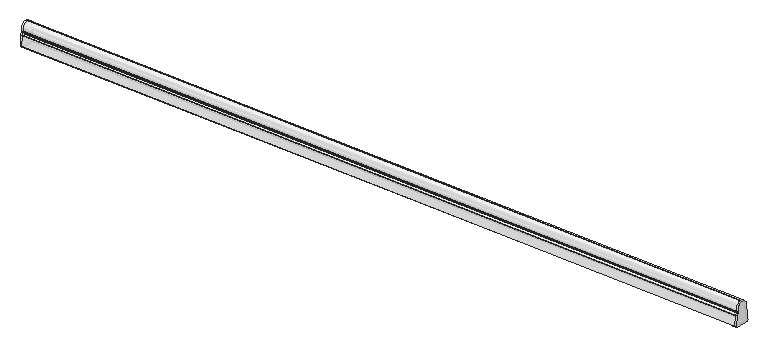
Revit family "0051056 Sylvania Lighting Fixture LED PIPE G2 L1200 TOP ENTRY HO NW", category Lighting Fixtures, host Face, Revit 2016
Family settings
  Host = Face
  Part Type = Normal
  Round Connector Dimension = Use Diameter
  OmniClass Number = 23.80.70.00
  OmniClass Title = Lighting
  Cut with Voids When Loaded = No
  Light Source = Yes
  Shared = No
  Room Calculation Point = No
Parameters (values of type "0051056 LED PIPE G2 L1200 TOP ENTRY HO NW")
  Width_SYL = 24 mm
  Weight = "4.44 kg"
  Wattage Comments = ""
  Wattage = 16 W
  WarrantyStartDate [instance] = "n/a"
  WarrantyGuarantorParts = "n/a"
  WarrantyDurationUnit = "n/a"
  WarrantyDurationParts = "n/a"
  WarrantyDescription = "n/a"
  built-in parameter 1150110 = 1 (stored number, unit not read)
  Voltage = 230 V
  URL = "http://www.sylvania-lighting.com"
  TypeName = "LED PIPE G2 L1200 TOP ENTRY HO NW"
  Type Image = <None>
  Type Comments = "n/a"
  built-in parameter 1114217 = 1 (stored number, unit not read)
  Tilt Angle = -90.00°
  built-in parameter 1150109 = 1 (stored number, unit not read)
  built-in parameter 1150134 = 12
  built-in parameter 1150113 = 1 (stored number, unit not read)
  SerialNumber [instance] = "n/a"
  RadiusTop_SYL = 9.1 mm
  RadiusSmall_SYL = 1.002 mm
  RadiusShoulder_SYL = 4.5 mm
  RadiusBottom_SYL = 1.5 mm
  Photometric Web File = "0051056.ies"
  Material_3_FEILO = none
  PowerFactor = 0.9
  PowerConsumption = "16 W"
  NominalLength = 1200 mm
  NominalHeight = 35 mm
  NominalDepth = 24 mm
  Name = "LED PIPE G2 L1200 TOP ENTRY HO NW"
  ModelReference = Name  # "LED PIPE G2 L1200 TOP ENTRY HO NW"
  ModelNumber = "0051056"
  Model = Name  # "LED PIPE G2 L1200 TOP ENTRY HO NW"
  Material = "pc housing, pc diffuser"
  ManufacturerName = "Feilo Sylvania"
  Manufacturer = "Feilo Sylvania"
  LuminousEfficacy = "125 lm/W"
  built-in parameter 1150105 = 397.56 (stored number, unit not read)
  Lumens = 2000 lm
  LuminaireType = ""
  built-in parameter 1150115 = 1 (stored number, unit not read)
  LightOutputRatio = "n/a"
  built-in parameter 1150137 = (empty or 0)
  built-in parameter 1150139 = (empty or 0)
  Length_SYL = 1200 mm
  LampsType = Lamp  # "LED"
  LampNominalLuminous = "2000 lm"
  LampMacAdamStep = "6"
  LampColourTemperature = "4000 K"
  LampColourRenderingIndex = "80"
  built-in parameter 1150112 = 1 (stored number, unit not read)
  built-in parameter 1150114 = 1 (stored number, unit not read)
  Lamp = "LED"
  Keynote = "16500"
  InstallationDate [instance] = "n/a"
  InputVoltage = "220-240V~"
  InputNominalFrequency = "50/60 Hz"
  built-in parameter 1150132 = (empty or 0)
  built-in parameter 1150102 = (empty or 0)
  built-in parameter 1150107 = 4000 (stored number, unit not read)
  built-in parameter 1150138 = (empty or 0)
  IngressProtection = "IP20"
  ImpactProtectionIndex = "IK02"
  built-in parameter 1150106 = 3.9756 (stored number, unit not read)
  IfcExportType = "IfcLightFixtureType"
  IfcExportAs = "IfcLightFixtureType"
  Height_SYL = 35 mm
  ExpectedLife = 50000
  built-in parameter 1150127 = 10 mm
  Emit from Rectangle Length = Length_SYL - 6 mm  # 1194 mm
  Emit Shape Visible in Rendering = no
  ElectricShockClassification = "Class II"
  built-in parameter 1150104 = 11.613 (stored number, unit not read)
  DurationUnit = "hours"
  DocumentationLiterature = "http://www.sylvania-lighting.com/product/en-int/products/0051056"
  DimmingControlOptions = "n/a"
  Material_2_FEILO = LED-Sylvania-ledpipe
  Dimming Lamp Color Temperature Shift = <None>
  Description = "LED T5 replacement batten, with top entry cable, the power cables can be therefore hidden, high output range: more lumens per meter with efficiency up to 125 lum/watt, Ideal for direct lighting in kitchens, on wall or ceiling, 150 degree beam angle, includes switch, includes 0.30m stripped cable, white polycarbonate body, includes standard and tilting brackets"
  Default Elevation = 1219.2 mm
  CreatedOn = "6/11/2018"
  CreatedBy = "aron.fodor@sylvania-lighting.com"
  Cost = 0
  Color Filter = 16777215
  built-in parameter 1114216 [instance] = (empty or 0)
  ClassificationValue = "EF_70_80"
  ClassificationName = "Uniclass2015"
  Material_1_FEILO = Body-Sylvania-ledpipe
  BarCode [instance] = "n/a"
  built-in parameter 1114218 = 1 (stored number, unit not read)
  Emit from Rectangle Width = 3048 mm
  AssetType = "Fixed"
  AssetIdentifier [instance] = "n/a"
  Assembly Code = "D5020200"
  Apparent Load = 16 VA
  Material_4_FEILO = none
Reference planes
  plane 1 "Center (Front/Back)": y = 0
  plane 2: z = 0
  plane 3 "Center (Left/Right)": x = 0
  plane 4: y = 12
  plane 5: y = -12
  plane 6: z = 35
  plane 7: z = 25.8
  plane 8: y = -10
  plane 9: z = 18.8
  plane 10: z = 21
  plane 11: x = 600
  plane 12: x = -600
  plane 13: x = 597
  plane 14: x = -597
Forms (mm)
  Extrusion 1, solid, material "Body-Sylvania-ledpipe" <- "Material_1_FEILO"
    sketch origin (0, 0, 0) x (0, 1, 0) y (0, 0, 1)
      loop
        arc (-11.824, 1.659) -> (-11.447, 0.497) -> (-10.332, 0) r 1.5
        line (-10.332, 0) -> (10.332, 0)
        arc (10.332, 0) -> (11.447, 0.497) -> (11.824, 1.659) r 1.5
        line (11.824, 1.659) -> (10.168, 17.219)
        arc (10.168, 17.219) -> (9.754, 18.682) -> (8.875, 19.925) r 4.5
        line (8.875, 19.925) -> (8.294, 20.506)
        arc (8.294, 20.506) -> (8.012, 21.058) -> (8.109, 21.67) r 1.002
        arc (8.109, 21.67) -> (7.759, 30.556) -> (0, 34.9) r 9.1
        arc (0, 34.9) -> (-7.759, 30.556) -> (-8.109, 21.67) r 9.1
        arc (-8.109, 21.67) -> (-8.012, 21.058) -> (-8.294, 20.506) r 1.002
        line (-8.294, 20.506) -> (-8.875, 19.925)
        arc (-8.875, 19.925) -> (-9.754, 18.682) -> (-10.168, 17.219) r 4.5
        line (-10.168, 17.219) -> (-11.824, 1.659)
    from -597 to 597
  Extrusion 2, solid, material "Body-Sylvania-ledpipe" <- "Material_1_FEILO"
    sketch origin (597, -4572, 2609.058) x (0, 0, 1) y (0, -1, 0)
      loop
        arc (-2587.388, -4580.109) -> (-2578.502, -4579.759) -> (-2574.158, -4572) r 9.1
        arc (-2574.158, -4572) -> (-2578.502, -4564.241) -> (-2587.388, -4563.891) r 9.1
        arc (-2587.388, -4563.891) -> (-2588, -4563.988) -> (-2588.552, -4563.706) r 1.002
        line (-2588.552, -4563.706) -> (-2589.134, -4563.125)
        arc (-2589.134, -4563.125) -> (-2590.376, -4562.246) -> (-2591.84, -4561.832) r 4.5
        line (-2591.84, -4561.832) -> (-2607.399, -4560.176)
        arc (-2607.399, -4560.176) -> (-2608.561, -4560.553) -> (-2609.058, -4561.668) r 1.5
        line (-2609.058, -4561.668) -> (-2609.058, -4582.332)
        arc (-2609.058, -4582.332) -> (-2608.561, -4583.447) -> (-2607.399, -4583.824) r 1.5
        line (-2607.399, -4583.824) -> (-2591.84, -4582.168)
        arc (-2591.84, -4582.168) -> (-2590.376, -4581.754) -> (-2589.134, -4580.875) r 4.5
        line (-2589.134, -4580.875) -> (-2588.552, -4580.294)
        arc (-2588.552, -4580.294) -> (-2588, -4580.012) -> (-2587.388, -4580.109) r 1.002
    from 0 to 3
  Extrusion 3, solid, material "Body-Sylvania-ledpipe" <- "Material_1_FEILO"
    sketch origin (-297, -4572, 2609.058) x (0, 0, 1) y (0, -1, 0)
      loop
        arc (-2587.388, -4580.109) -> (-2578.502, -4579.759) -> (-2574.158, -4572) r 9.1
        arc (-2574.158, -4572) -> (-2578.502, -4564.241) -> (-2587.388, -4563.891) r 9.1
        arc (-2587.388, -4563.891) -> (-2588, -4563.988) -> (-2588.552, -4563.706) r 1.002
        line (-2588.552, -4563.706) -> (-2589.134, -4563.125)
        arc (-2589.134, -4563.125) -> (-2590.376, -4562.246) -> (-2591.84, -4561.832) r 4.5
        line (-2591.84, -4561.832) -> (-2607.399, -4560.176)
        arc (-2607.399, -4560.176) -> (-2608.561, -4560.553) -> (-2609.058, -4561.668) r 1.5
        line (-2609.058, -4561.668) -> (-2609.058, -4582.332)
        arc (-2609.058, -4582.332) -> (-2608.561, -4583.447) -> (-2607.399, -4583.824) r 1.5
        line (-2607.399, -4583.824) -> (-2591.84, -4582.168)
        arc (-2591.84, -4582.168) -> (-2590.376, -4581.754) -> (-2589.134, -4580.875) r 4.5
        line (-2589.134, -4580.875) -> (-2588.552, -4580.294)
        arc (-2588.552, -4580.294) -> (-2588, -4580.012) -> (-2587.388, -4580.109) r 1.002
    from -300 to -303
Lines and regions (mm)
  reference lines
    curve 1: circle (0, 0, 25.8) r 9.1 normal (1, 0, 0)
    curve 2: line (0, -12, 0) -> (0, -10, 18.8)
Dimensions and locks
  equal spacing: plane 5, plane 1 "Center (Front/Back)", plane 4
  "Width_SYL": plane 5 to plane 4
  "Height_SYL": plane 6 to plane 2
  locked: plane 6 to plane 7 at 9.2
  locked: plane 5 to plane 8 at 2
  locked: plane 7 to plane 9 at 7
  locked: plane 10 to plane 9 at 2.2
  equal spacing: plane 11, plane 3 "Center (Left/Right)", plane 12
  "Length_SYL": plane 11 to plane 12
  equal spacing: plane 13, plane 3 "Center (Left/Right)", plane 14
  locked: plane 14 to plane 12 at 3
  "RadiusTop_SYL": radius of curve 1
  "RadiusSmall_SYL": radius of Extrusion 1 sketch curve
  "RadiusShoulder_SYL": radius of Extrusion 1 sketch curve
  "RadiusTop_SYL": radius of Extrusion 1 sketch curve
  "RadiusBottom_SYL": radius of Extrusion 1 sketch curve  (x2)
  aligned and locked: plane 2 to host face
  aligned and locked: level to host face
  aligned and locked: plane 7 to curve 1
  aligned and locked: plane 1 "Center (Front/Back)" to curve 1
  aligned and locked: plane 8 to curve 2
  aligned and locked: curve 2 to Extrusion 1 sketch curve  (x2)
  aligned and locked: plane 7 to Extrusion 1 sketch curve
  aligned and locked: plane 1 "Center (Front/Back)" to Extrusion 1 sketch curve
  aligned and locked: Extrusion 1 sketch curve to level
  aligned and locked: plane 13 to Extrusion 1
  aligned and locked: Extrusion 1 to plane 14
  aligned and locked: Extrusion 2 sketch curve to Extrusion 1  (x8)
  aligned and locked: plane 11 to Extrusion 2
  aligned and locked: Extrusion 2 to Extrusion 1
  aligned and locked: Extrusion 3 sketch curve to Extrusion 2  (x8)
  aligned and locked: Extrusion 3 to Extrusion 1
  aligned and locked: Extrusion 3 to plane 12
  aligned and locked: imposter light to plane 1 "Center (Front/Back)"
  aligned and locked: plane 6 to imposter light
  aligned and locked: plane 3 "Center (Left/Right)" to imposter light
Automatic sketch dimensions
  host sketch curve to host sketch curve = 2438.4 mm  (x2)
  curve 2 to level = 0 mm
  curve 2 to plane 5 = 0 mm
  curve 2 to plane 9 = 0 mm
  Extrusion 1 sketch curve to Extrusion 1 sketch curve = 0 mm
  Extrusion 1 sketch curve to plane 5 = 0.176 mm
  plane 8 to Extrusion 1 sketch curve = 0.168 mm
  plane 10 to Extrusion 1 sketch curve = 0.215 mm  (x2)
  Extrusion 1 sketch curve to plane 8 = 0.998 mm
  Extrusion 1 sketch curve to plane 10 = 1.075 mm  (x2)
  Extrusion 1 sketch curve to plane 10 = 0.494 mm  (x2)
  Extrusion 1 sketch curve to plane 9 = 2.057 mm
  Extrusion 1 sketch curve to plane 1 "Center (Front/Back)" = 5.693 mm
  plane 4 to Extrusion 1 sketch curve = 3.706 mm
  Extrusion 1 sketch curve to Extrusion 1 sketch curve = 0.582 mm
  Extrusion 1 sketch curve to Extrusion 1 sketch curve = 0.709 mm
  Extrusion 1 sketch curve to plane 9 = 1.581 mm
  plane 4 to Extrusion 1 sketch curve = 1.668 mm
  plane 4 to Extrusion 1 sketch curve = 0.176 mm
  Extrusion 2 sketch curve to Extrusion 2 sketch curve = 0.159 mm
  Extrusion 2 sketch curve to plane 5 = 0.176 mm
  plane 8 to Extrusion 2 sketch curve = 0.168 mm
  Extrusion 2 sketch curve to plane 9 = 1.581 mm
  Extrusion 2 sketch curve to plane 10 = 0.494 mm  (x2)
  Extrusion 2 sketch curve to Extrusion 2 sketch curve = 0.127 mm
  Extrusion 2 sketch curve to Extrusion 2 sketch curve = 0.582 mm
  Extrusion 3 sketch curve to Extrusion 3 sketch curve = 0.159 mm
  Extrusion 3 sketch curve to plane 5 = 0.176 mm
  plane 8 to Extrusion 3 sketch curve = 0.168 mm
  Extrusion 3 sketch curve to plane 9 = 1.581 mm
  Extrusion 3 sketch curve to plane 10 = 0.494 mm  (x2)
  Extrusion 3 sketch curve to Extrusion 3 sketch curve = 0.127 mm
  Extrusion 3 sketch curve to Extrusion 3 sketch curve = 0.582 mm
Connectors
  electrical at (0, 0, 0), driven by "Apparent Load", driven by "PowerFactor", driven by "Voltage"
    settings: index 1, voltage 230 V, apparent load 16 VA, apparent load phase1 0 VA, apparent load phase2 0 VA, apparent load phase3 0 VA, power factor 0.9, load classification "Lighting", number of poles 1, system type 30, power factor state 1, is connector primary yes, connector utility no, sub classification motor no, connector description ""
